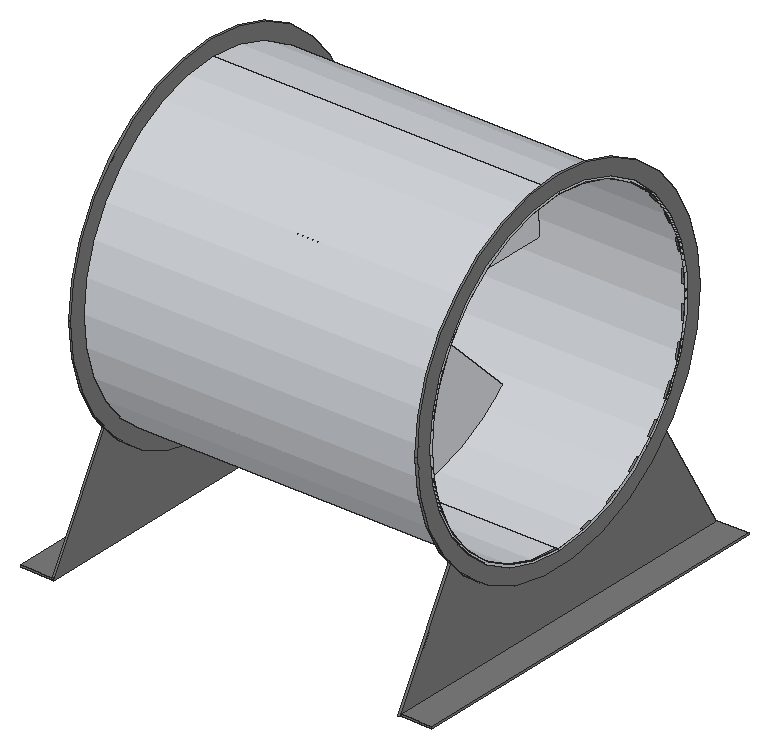
Revit family "НЕВАТОМ_Вентилятор VO с рамой, версия 2", category Оборудование, Revit 2017
Family settings
  Размер круглого соединителя = Использовать диаметр
  Тип детали = Нормальный
  На основе рабочей плоскости = Нет
  Всегда вертикально = Нет
  При загрузке вырезать с полостями = Нет
  Общий = Нет
  Точка расчета площади = Нет
Parameters (values of type "VO № 4,5(100)")
  h = 315 mm
  Nevatom_URL = "https://t.me/NEVATOM_Bim_bot"
  L1 = 584 mm
  L = 494 mm
  А = 560 mm
  H = 565 mm
  D2.1 = D2v - D / 5  # 210 mm
  D2v = D1.1 - D / 15  # 300 mm
  D1.1 = D1v - D / 5  # 330 mm
  D1v = D - D / 15  # 420 mm
  D верх вент = D / 8  # 56.25 mm
  Hv = 126 mm
  D* = D / 12  # 37.5 mm
  D осн вент = D / 5  # 90 mm
  D = 450 mm
  D2 = 500 mm
  ADSK_Частота вращения вентилятора = 0
  ADSK_Ток = 0 A
  ADSK_Размер_Ширина = L1  # 584 mm
  ADSK_Размер_Длина = D2  # 500 mm
  ADSK_Размер_Высота = H  # 565 mm
  ADSK_Примечание = ""
  ADSK_Полная мощность = 0 kW
  ADSK_Позиция = ""
  ADSK_Напряжение = 380 V  # constant formula
  ADSK_Наименование = "Осевой вентилятор"  # constant formula
  ADSK_Материал наименование = "Оцинкованная сталь"  # constant formula
  ADSK_Марка = "VO-4,5-О-2"
  ADSK_Количество = 1  # constant formula
  ADSK_Код изделия = ""
  ADSK_Завод-изготовитель = "НЕВАТОМ"  # constant formula
  ADSK_Единица измерения = "шт."  # constant formula
Types (38, lengths in mm): name | h | L1 | L | А | H | D2.1 | D2v | D1.1 | D1v | D верх вент | D* | D осн вент | D | D2 | ADSK_Размер_Ширина | ADSK_Размер_Длина | ADSK_Размер_Высота | ADSK_Марка
  VO № 4,0(63-90) | 285 | 490 | 420 | 510 | 505 | 186.667 | 266.667 | 293.333 | 373.333 | 50 | 33.333 | 80 | 400 | 480 | 490 | 480 | 505 | "VO-4,5-О-2"
  VO № 4,0(100) | 285 | 584 | 494 | 510 | 505 | 186.667 | 266.667 | 293.333 | 373.333 | 50 | 33.333 | 80 | 400 | 480 | 584 | 480 | 505 | "VO-4,5-О-2"
  VO № 5,0(63-80) | 350 | 540 | 450 | 610 | 625 | 233.333 | 333.333 | 366.667 | 466.667 | 62.5 | 41.667 | 100 | 500 | 560 | 540 | 560 | 625 | "VO-5,0-О-2"
  VO № 4,5(100) | 315 | 584 | 494 | 560 | 565 | 210 | 300 | 330 | 420 | 56.25 | 37.5 | 90 | 450 | 500 | 584 | 500 | 565 | "VO-4,5-О-2"
  VO № 5,0(90-112) | 350 | 584 | 494 | 610 | 625 | 233.333 | 333.333 | 366.667 | 466.667 | 62.5 | 41.667 | 100 | 500 | 560 | 584 | 560 | 625 | "VO-5,0-О-2"
  VO № 5,6(63 – 80, 90L4) | 410 | 550 | 450 | 670 | 695 | 261.333 | 373.333 | 410.667 | 522.667 | 70 | 46.667 | 112 | 560 | 620 | 550 | 620 | 695 | "VO-5,6-О-2"
  VO № 5,6(90L2, 100 – 112) | 410 | 594 | 494 | 670 | 695 | 261.333 | 373.333 | 410.667 | 522.667 | 70 | 46.667 | 112 | 560 | 620 | 594 | 620 | 695 | "VO-5,6-О-2"
  VO № 5,6(132) | 410 | 700 | 576 | 670 | 695 | 261.333 | 373.333 | 410.667 | 522.667 | 70 | 46.667 | 112 | 560 | 620 | 700 | 620 | 695 | "VO-5,6-О-2"
  VO № 5,6(160) | 410 | 860 | 720 | 670 | 695 | 261.333 | 373.333 | 410.667 | 522.667 | 70 | 46.667 | 112 | 560 | 620 | 860 | 620 | 695 | "VO-5,6-О-2"
  VO № 6,3(71 – 80, 90L4) | 445 | 560 | 450 | 740 | 785 | 294 | 420 | 462 | 588 | 78.75 | 52.5 | 126 | 630 | 690 | 560 | 690 | 785 | "VO-6,3-О-2"
  VO № 6,3(90L2, 100 – 112) | 445 | 594 | 494 | 740 | 785 | 294 | 420 | 462 | 588 | 78.75 | 52.5 | 126 | 630 | 690 | 594 | 690 | 785 | "VO-6,3-О-2"
  VO № 6,3(132) | 445 | 700 | 576 | 740 | 785 | 294 | 420 | 462 | 588 | 78.75 | 52.5 | 126 | 630 | 690 | 700 | 690 | 785 | "VO-6,3-О-2"
  VO № 7,1(71 – 90) | 495 | 574 | 450 | 820 | 875 | 331.333 | 473.333 | 520.667 | 662.667 | 88.75 | 59.167 | 142 | 710 | 770 | 574 | 770 | 875 | "VO-7,1-О-2"
  VO № 7,1(100 – 112) | 495 | 594 | 494 | 820 | 875 | 331.333 | 473.333 | 520.667 | 662.667 | 88.75 | 59.167 | 142 | 710 | 770 | 594 | 770 | 875 | "VO-7,1-О-2"
  VO № 7,1(132) | 495 | 700 | 576 | 820 | 875 | 331.333 | 473.333 | 520.667 | 662.667 | 88.75 | 59.167 | 142 | 710 | 770 | 700 | 770 | 875 | "VO-7,1-О-2"
  VO № 7,1(160) | 495 | 860 | 720 | 820 | 875 | 331.333 | 473.333 | 520.667 | 662.667 | 88.75 | 59.167 | 142 | 710 | 770 | 860 | 770 | 875 | "VO-7,1-О-2"
  VO № 8,0(71 – 90) | 550 | 590 | 450 | 910 | 980 | 373.333 | 533.333 | 586.667 | 746.667 | 100 | 66.667 | 160 | 800 | 860 | 590 | 860 | 980 | "VO-9,0-О-2"
  VO № 8,0(100 – 112) | 550 | 594 | 494 | 910 | 980 | 373.333 | 533.333 | 586.667 | 746.667 | 100 | 66.667 | 160 | 800 | 860 | 594 | 860 | 980 | "VO-8,0-О-2"
  VO № 8,0(132) | 550 | 740 | 600 | 910 | 980 | 373.333 | 533.333 | 586.667 | 746.667 | 100 | 66.667 | 160 | 800 | 860 | 740 | 860 | 980 | "VO-8,0-О-2"
  VO № 8,0(160) | 550 | 860 | 720 | 910 | 980 | 373.333 | 533.333 | 586.667 | 746.667 | 100 | 66.667 | 160 | 800 | 860 | 860 | 860 | 980 | "VO-8,0-О-2"
  VO № 9,0(71 – 90) | 605 | 492 | 450 | 1010 | 1105 | 420 | 600 | 660 | 840 | 112.5 | 75 | 180 | 900 | 970 | 492 | 970 | 1105 | "VO-9,0-О-2"
  VO № 9,0(100) | 605 | 562 | 520 | 1010 | 1105 | 420 | 600 | 660 | 840 | 112.5 | 75 | 180 | 900 | 970 | 562 | 970 | 1105 | "VO-9,0-0-2"
  VO № 9,0(112 – 132) | 605 | 672 | 600 | 1010 | 1105 | 420 | 600 | 660 | 840 | 112.5 | 75 | 180 | 900 | 970 | 672 | 970 | 1105 | "VO-9,0-О-2"
  VO № 9,0(160) | 605 | 792 | 750 | 1010 | 1105 | 420 | 600 | 660 | 840 | 112.5 | 75 | 180 | 900 | 970 | 792 | 970 | 1105 | "VO-9,0-О-2"
  VO № 10(80 – 90) | 675 | 492 | 450 | 1110 | 1210 | 466.667 | 666.667 | 733.333 | 933.333 | 125 | 83.333 | 200 | 1000 | 1070 | 492 | 1070 | 1210 | "VO-10,0-О-2"
  VO № 10(100) | 675 | 562 | 520 | 1110 | 1210 | 466.667 | 666.667 | 733.333 | 933.333 | 125 | 83.333 | 200 | 1000 | 1070 | 562 | 1070 | 1210 | "VO-10,0-О-2"
  VO № 10(112 – 132) | 675 | 642 | 600 | 1110 | 1210 | 466.667 | 666.667 | 733.333 | 933.333 | 125 | 83.333 | 200 | 1000 | 1070 | 642 | 1070 | 1210 | "VO-10,0-О-2"
  VO № 10(160) | 675 | 842 | 800 | 1110 | 1210 | 466.667 | 666.667 | 733.333 | 933.333 | 125 | 83.333 | 200 | 1000 | 1070 | 842 | 1070 | 1210 | "VO-10,0-О-2"
  VO № 10(180) | 675 | 942 | 900 | 1110 | 1210 | 466.667 | 666.667 | 733.333 | 933.333 | 125 | 83.333 | 200 | 1000 | 1070 | 942 | 1070 | 1210 | "VO-10,0-О-2"
  VO № 11,2(80 – 90) | 750 | 506 | 450 | 1230 | 1355 | 522.667 | 746.667 | 821.333 | 1045.333 | 140 | 93.333 | 224 | 1120 | 1190 | 506 | 1190 | 1355 | "VO-11,0-О-2"
  VO № 11,2(100) | 750 | 556 | 520 | 1230 | 1355 | 522.667 | 746.667 | 821.333 | 1045.333 | 140 | 93.333 | 224 | 1120 | 1190 | 556 | 1190 | 1355 | "VO-11,0-О-2"
  VO № 11,2(112 – 132) | 750 | 643 | 600 | 1230 | 1355 | 522.667 | 746.667 | 821.333 | 1045.333 | 140 | 93.333 | 224 | 1120 | 1190 | 643 | 1190 | 1355 | "VO-11,0-О-2"
  VO № 11,2(160) | 750 | 843 | 800 | 1230 | 1355 | 522.667 | 746.667 | 821.333 | 1045.333 | 140 | 93.333 | 224 | 1120 | 1190 | 843 | 1190 | 1355 | "VO-11,0-О-2"
  VO № 11,2(180 – 200) | 750 | 943 | 900 | 1230 | 1355 | 522.667 | 746.667 | 821.333 | 1045.333 | 140 | 93.333 | 224 | 1120 | 1190 | 943 | 1190 | 1355 | "VO-11,0-О-2"
  VO № 12,5(90 – 100) | 850 | 506 | 480 | 1360 | 1510 | 583.333 | 833.333 | 916.667 | 1166.667 | 156.25 | 104.167 | 250 | 1250 | 1320 | 506 | 1320 | 1510 | "VO-12,5-О-2"
  VO № 12,5(112 – 132) | 850 | 626 | 600 | 1360 | 1510 | 583.333 | 833.333 | 916.667 | 1166.667 | 156.25 | 104.167 | 250 | 1250 | 1320 | 626 | 1320 | 1510 | "VO-12,5-О-2"
  VO № 12,5(160 – 180) | 850 | 876 | 850 | 1360 | 1510 | 583.333 | 833.333 | 916.667 | 1166.667 | 156.25 | 104.167 | 250 | 1250 | 1320 | 876 | 1320 | 1510 | "VO-12,5-О-2"
  VO № 12,5(200 – 250) | 850 | 1026 | 1000 | 1360 | 1510 | 583.333 | 833.333 | 916.667 | 1166.667 | 156.25 | 104.167 | 250 | 1250 | 1320 | 1026 | 1320 | 1510 | "VO-12,5-О-2"
Reference planes
  plane 1 "По центру (Вперед/Назад)": y = 0
  plane 2: z = 0
  plane 3 "По центру (Влево/Вправо)": x = 0
  plane 4: x = -63
  plane 5: x = 63
  plane 6: x = -40
  plane 7: x = 40
  plane 8: y = 280
  plane 9: y = -280
  plane 10: z = 225
  plane 11: z = -225
  plane 12: x = -247
  plane 13: x = 247
  plane 14: x = 292
  plane 15: x = -292
  plane 16: z = -315
Forms (mm)
  Extrusion 1, solid
    sketch origin (0, 0, 0) x (0, 1, 0) y (0, 0, 1)
      loop
        circle (0, 0) r 18.75
    from -63 to 63
  Blend 2, solid
    base sketch origin (0, 0, 0) x (0, 1, 0) y (0, 0, 1)
      loop
        circle (0, 0) r 45
    top sketch origin (0, 0, 0) x (0, 1, 0) y (0, 0, 1)
      loop
        circle (0, 0) r 28.125
    from 40 to 63
  Extrusion 3, solid
    sketch origin (0, 0, 0) x (0, 1, 0) y (0, 0, 1)
      loop
        circle (0, 0) r 45
    from -90 to 0
  Extrusion 4, solid
    sketch origin (0, 0, 0) x (0, 1, 0) y (0, 0, 1)
      loop
        circle (0, 0) r 225
    from 0 to 40
  Extrusion 5, void
    sketch origin (0, 0, 0) x (0, 1, 0) y (0, 0, 1)
      loop
        arc (0, 29.167) -> (11.162, 26.946) -> (20.624, 20.624) r 29.167
        line (20.624, 20.624) -> (159.099, 159.099)
        arc (159.099, 159.099) -> (86.104, 207.873) -> (0, 225) r 225
        line (0, 225) -> (0, 29.167)
      loop
        arc (29.167, 0) -> (26.946, -11.162) -> (20.624, -20.624) r 29.167
        line (20.624, -20.624) -> (195.711, -195.711)
        arc (195.711, -195.711) -> (255.708, -105.918) -> (276.777, 0) r 276.777
        line (276.777, 0) -> (29.167, 0)
      loop
        line (-20.624, 20.624) -> (-166.421, 166.421)
        arc (-166.421, 166.421) -> (-217.44, 90.067) -> (-235.355, 0) r 235.355
        line (-235.355, 0) -> (-29.167, 0)
        arc (-29.167, 0) -> (-26.946, 11.162) -> (-20.624, 20.624) r 29.167
      loop
        arc (-159.099, -159.099) -> (-86.104, -207.873) -> (0, -225) r 225
        line (0, -225) -> (0, -29.167)
        arc (0, -29.167) -> (-11.162, -26.946) -> (-20.624, -20.624) r 29.167
        line (-20.624, -20.624) -> (-159.099, -159.099)
    from 0 to 40
  Revolve 6, solid
    sketch origin (0, 0, 0) x (1, 0, 0) y (0, 0, 1)
      loop
        line (-247, 228) -> (-247, 225) -> (247, 225) -> (247, 228) -> (-247, 228)
      axis (-247, 0) -> (247, 0)
    angle from 0 to 360
  Extrusion 7, solid, material "Реш"
    sketch origin (0, 0, 0) x (0, 1, 0) y (0, 0, 1)
      loop
        circle (0, 0) r 225
      loop
        circle (0, 0) r 250
    from 243.82 to 247
  Extrusion 8, solid, material "Реш"
    sketch origin (0, 0, 0) x (0, 1, 0) y (0, 0, 1)
      loop
        circle (0, 0) r 225
      loop
        circle (0, 0) r 250
    from -247 to -243.918
  Extrusion 9, solid, material "Реш"
    sketch origin (0, 0, 0) x (1, 0, 0) y (0, 1, 0)
      loop
        line (247, 280) -> (247, -280) -> (292, -280) -> (292, 280) -> (247, 280)
      loop
        line (-292, 280) -> (-292, -280) -> (-247, -280) -> (-247, 280) -> (-292, 280)
    from -312.002 to -315
  Extrusion 10, solid, material "Реш"
    sketch origin (0, 0, 0) x (0, 1, 0) y (0, 0, 1)
      loop
        line (280, -315) -> (179.385, -140.73)
        arc (179.385, -140.73) -> (99.744, -205.025) -> (0, -228) r 228
        arc (0, -228) -> (-99.744, -205.025) -> (-179.385, -140.73) r 228
        line (-179.385, -140.73) -> (-280, -315) -> (280, -315)
    from 243.82 to 247
  Extrusion 11, solid, material "Реш"
    sketch origin (0, 0, 0) x (0, 1, 0) y (0, 0, 1)
      loop
        line (-280, -315) -> (280, -315) -> (179.385, -140.73)
        arc (179.385, -140.73) -> (99.744, -205.025) -> (0, -228) r 228
        arc (0, -228) -> (-99.744, -205.025) -> (-179.385, -140.73) r 228
        line (-179.385, -140.73) -> (-280, -315)
    from -247 to -243.918
Cuts and joins
  Extrusion 5 cuts Extrusion 1
  Extrusion 5 cuts Blend 2
  Extrusion 5 cuts Extrusion 4
Lines and regions (mm)
  reference lines
    curve 1: circle (0, 0, 0) r 18.75 normal (1, 0, 0)
Dimensions and locks
  equal spacing: plane 4, plane 3 "По центру (Влево/Вправо)", plane 5
  "Hv": plane 4 to plane 5
  equal spacing: plane 6, plane 3 "По центру (Влево/Вправо)", plane 7
  equal spacing: plane 8, plane 1 "По центру (Вперед/Назад)", plane 9
  "D": plane 10 to plane 11
  equal spacing: plane 11, level, plane 10
  plane 11 to plane 10 = 450 mm
  equal spacing: plane 12, plane 3 "По центру (Влево/Вправо)", plane 13
  "L": plane 12 to plane 13
  locked: Revolve 6 sketch curve to Revolve 6 sketch curve at 3
  locked: Extrusion 7 to plane 13 at 3.18
  locked: plane 12 to Extrusion 8 at 3.082
  "А": plane 8 to plane 9
  plane 10 to plane 11 = 450 mm
  equal spacing: plane 15, plane 3 "По центру (Влево/Вправо)", plane 14
  "L1": plane 15 to plane 14
  locked: Extrusion 9 to Extrusion 9 at 2.998
  "h": plane 16 to level
  plane 16 to plane 10 = 540 mm
  "D*": diameter of Extrusion 1 sketch curve
  "D верх вент": diameter of Blend 2 sketch curve
  "D осн вент": diameter of Blend 2 sketch curve
  "D осн вент": diameter of Extrusion 3 sketch curve
  "D": diameter of Extrusion 4 sketch curve
  diameter of Extrusion 4 = 450 mm
  "D*": diameter of curve 1
  "D2": diameter of Extrusion 7 sketch curve
  "D2": diameter of Extrusion 8 sketch curve
  locked: Extrusion 5 sketch curve to Extrusion 5 sketch curve (angle 45.00°)  (x4)
  locked: Extrusion 10 sketch curve to Extrusion 9 (angle 60.00°)
  locked: Extrusion 9 to Extrusion 10 sketch curve (angle 60.00°)
  angle Extrusion 9 to plane 16 = 0.00°
  locked: plane 16 to Extrusion 10 (angle 60.00°)
  locked: Extrusion 10 to plane 16 (angle 60.00°)
  aligned and locked: level to plane 2
  aligned and locked: plane 5 to Extrusion 1
  aligned and locked: Extrusion 1 to plane 4
  aligned and locked: plane 5 to Blend 2
  aligned and locked: cut or joined group of Blend 2, Extrusion 5 to plane 7
  aligned and locked: plane 7 to Extrusion 4
  aligned and locked: Extrusion 4 to plane 3 "По центру (Влево/Вправо)"
  aligned and locked: Extrusion 5 sketch curve to level
  aligned and locked: Extrusion 5 sketch curve to plane 1 "По центру (Вперед/Назад)"  (x2)
  aligned and locked: plane 7 to Extrusion 5
  aligned and locked: Extrusion 5 sketch curve to Extrusion 5 sketch curve  (x3)
  aligned and locked: Revolve 6 sketch curve to plane 10
  aligned and locked: Revolve 6 sketch curve to plane 13
  aligned and locked: plane 12 to Revolve 6 sketch curve
  aligned and locked: Revolve 6 sketch curve to level
  aligned and locked: Extrusion 7 sketch curve to Revolve 6  (x2)
  aligned and locked: plane 13 to Extrusion 7
  aligned and locked: Extrusion 8 sketch curve to Revolve 6  (x2)
  aligned and locked: Extrusion 8 to plane 12
  aligned and locked: plane 3 "По центру (Влево/Вправо)" to Extrusion 3
  aligned and locked: Extrusion 9 sketch curve to plane 8  (x2)
  aligned and locked: plane 13 to Extrusion 9 sketch curve
  aligned and locked: Extrusion 9 sketch curve to plane 9
  aligned and locked: Extrusion 9 sketch curve to plane 14
  aligned and locked: plane 15 to Extrusion 9 sketch curve
  aligned and locked: plane 9 to Extrusion 9 sketch curve
  aligned and locked: Extrusion 9 sketch curve to plane 12
  aligned and locked: plane 16 to Extrusion 9
  aligned and locked: Extrusion 10 sketch curve to Revolve 6  (x2)
  aligned and locked: plane 16 to Extrusion 10 sketch curve
  aligned and locked: Extrusion 10 to plane 13
  aligned and locked: Extrusion 7 to Extrusion 10
  aligned and locked: Extrusion 11 sketch curve to Extrusion 10  (x2)
  aligned and locked: plane 16 to Extrusion 11 sketch curve
  aligned and locked: Extrusion 11 sketch curve to Revolve 6  (x2)
  aligned and locked: Extrusion 11 to plane 12
  aligned and locked: Extrusion 11 to Extrusion 8
  aligned and locked: nested 1 to cut or joined group of Extrusion 1, Extrusion 5
Automatic sketch dimensions
  Extrusion 5 sketch curve to Extrusion 5 sketch curve = 0 mm  (x4)
  Extrusion 5 sketch curve to plane 11 = 0 mm
  plane 10 to Extrusion 5 sketch curve = 0 mm
  plane 1 "По центру (Вперед/Назад)" to Extrusion 5 sketch curve = 20.624 mm  (x2)
  Extrusion 5 sketch curve to Extrusion 5 sketch curve = 8.543 mm
  plane 10 to Extrusion 5 sketch curve = 58.579 mm
  Extrusion 5 sketch curve to level = 20.624 mm
  level to Extrusion 5 sketch curve = 20.624 mm
  plane 11 to Extrusion 5 sketch curve = 29.289 mm
  Revolve 6 sketch curve to plane 15 = 1191.99 mm
  plane 14 to Revolve 6 sketch curve = 1738.983 mm
  Extrusion 10 sketch curve to plane 9 = 0 mm
  Extrusion 10 sketch curve to plane 8 = 0 mm
  Extrusion 1 sketch curve to level = 0 mm
  Extrusion 1 sketch curve to plane 1 "По центру (Вперед/Назад)" = 0 mm
  curve 1 to level = 0 mm
  curve 1 to plane 1 "По центру (Вперед/Назад)" = 0 mm
  Blend 2 sketch curve to level = 0 mm  (x2)
  Blend 2 sketch curve to plane 1 "По центру (Вперед/Назад)" = 0 mm  (x2)
  Extrusion 3 sketch curve to level = 0 mm
  Extrusion 3 sketch curve to plane 1 "По центру (Вперед/Назад)" = 0 mm
  Extrusion 4 sketch curve to level = 0 mm
  Extrusion 4 sketch curve to plane 1 "По центру (Вперед/Назад)" = 0 mm
  Extrusion 7 sketch curve to Extrusion 7 sketch curve = 0 mm  (x2)
  Extrusion 7 sketch curve to plane 1 "По центру (Вперед/Назад)" = 0 mm  (x2)
  Extrusion 8 sketch curve to Extrusion 8 sketch curve = 0 mm  (x2)
  Extrusion 8 sketch curve to plane 1 "По центру (Вперед/Назад)" = 0 mm  (x2)
Nested families
  nested 1: "НЕВАТОМ_QR-D" at (63, 0, 1.212), type "Nevatom_Logo_100", not visible
Connectors
  hvac at (-247, 0, 0), driven by "D"
    settings: on Extrusion 8, index 1, duct flow 0.0 L/s, flow factor 0, pres drop 0.0 Pa, loss coef 0, conn angle 0.00°, conn width 304.8 mm, conn height 304.8 mm, conn diameter 450 mm, duct sys type 29, conn prof type 0, flow config 0, flow direction 0, loss method 0, conn ref index 3, conn util no, is conn primary yes, conn desc ""
  hvac at (247, 0, 0), driven by "D"
    settings: on Extrusion 7, index 3, duct flow 0.0 L/s, flow factor 0, pres drop 0.0 Pa, loss coef 0, conn angle 0.00°, conn width 304.8 mm, conn height 304.8 mm, conn diameter 450 mm, duct sys type 29, conn prof type 0, flow config 0, flow direction 0, loss method 0, conn ref index 1, conn util no, is conn primary no, conn desc ""
Definition of nested family "НЕВАТОМ_QR-D"
  Parameters (values of type "Nevatom_Logo_200")
    Nevatom_Logo_D = none
    L = 2 mm
    D = 200 mm
  Types (4, lengths in mm): name | D
    (no name) | 200
    Nevatom_Logo_50 | 50
    Nevatom_Logo_100 | 100
    Nevatom_Logo_200 | 200
  Reference planes
    plane 1 "По центру (Вперед/Назад)": y = 0
    plane 2: z = 0
    plane 3 "По центру (Влево/Вправо)": x = 0
  Forms (mm)
    Extrusion 1, solid, material <- "Nevatom_Logo_D"
      sketch origin (0, 0, 0) x (0, 1, 0) y (0, 0, 1)
        loop
          circle (0, 0) r 100
      from 0 to 2 <- "L"
  Dimensions and locks
    "D": diameter of Extrusion 1 sketch curve
    aligned and locked: level to plane 2
  Automatic sketch dimensions
    Extrusion 1 sketch curve to level = 0 mm
    Extrusion 1 sketch curve to plane 1 "По центру (Вперед/Назад)" = 0 mm
